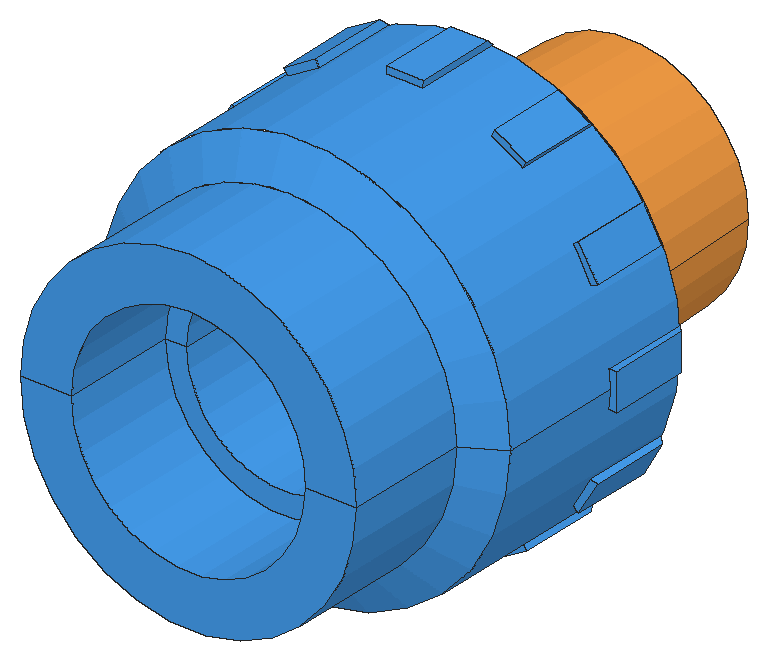
Revit family "Dirit_PPR Male Thread Adapter", category Pipe Fittings, Revit 2024
Family settings
  Round Connector Dimension = Use Diameter
  Part Type = Multi Port
  Work Plane-Based = No
  Always vertical = Yes
  Cut with Voids When Loaded = No
  Shared = No
Parameters (values of type "32x1"")
  Ukuran [instance] = size_lookup(Table, "", "Custom", Dia, Dia1)  # "32x1\""
  Table = "MALE THREAD JOINT"
  Rad1 [instance] = Dia1 / 2  # 16.00 mm
  Rad [instance] = Dia / 2  # 16.00 mm
  Nama [instance] = Table  # "MALE THREAD JOINT"
  L4 [instance] = size_lookup(Table, "L4", Dia, Dia, Dia1)  # 25.00 mm
  L3 [instance] = size_lookup(Table, "L3", Dia, Dia, Dia1)  # 13.00 mm
  L2 [instance] = size_lookup(Table, "L2", Dia, Dia, Dia1)  # 33.00 mm
  L1 [instance] = size_lookup(Table, "L1", Dia, Dia, Dia1)  # 50.00 mm
  Isi/Box [instance] = 0
  Harga [instance] = 0
  Gambar = 0
  Diameter 2 = 32.00 mm
  Dia1 (Inch) [instance] = if(Dia1 = 22.00 mm, 0.50 mm, if(Dia1 = 26.00 mm, 0.75 mm, 1.00 mm))  # 1.00 mm
  Dia1 [instance] = Diameter 2  # 32.00 mm
  Dia [instance] = Diameter 1  # 32.00 mm
  Default Elevation = 0.00 mm
  D6 [instance] = size_lookup(Table, "D6", Dia, Dia, Dia1)  # 33.00 mm
  D5 [instance] = size_lookup(Table, "D5", Dia, Dia, Dia1)  # 35.00 mm
  D4_2 [instance] = D4 / 2  # 28.00 mm
  D4 [instance] = size_lookup(Table, "D4", Dia, Dia, Dia1)  # 56.00 mm
  D3_2 [instance] = D3 / 2  # 29.00 mm
  D3 [instance] = size_lookup(Table, "D3", Dia - 5.00 mm, Dia, Dia1)  # 58.00 mm
  D2_2 [instance] = D2 / 2  # 16.00 mm
  D2 [instance] = size_lookup(Table, "D2", Dia, Dia, Dia1)  # 32.00 mm
  D1_2 [instance] = D1 / 2  # 23.00 mm
  D1 [instance] = size_lookup(Table, "D1", Dia - 5.00 mm, Dia, Dia1)  # 46.00 mm
  Diameter 1 = 32.00 mm
  Conector Size 2 = 25.00 mm
  C3 [instance] = size_lookup(Table, "C3", Dia, Dia, Dia1)  # 1.00 mm
  C2 [instance] = size_lookup(Table, "C2", Dia, Dia, Dia1)  # 5.00 mm
  C1 [instance] = size_lookup(Table, "C1", Dia, Dia, Dia1)  # 2.00 mm
  Aux1 [instance] = D3 / 2 * tan(Angle / 2)  # 29.00 mm
  Aux [instance] = D1_2 * tan(Angle / 2)  # 23.00 mm
  Angle2 [instance] = 180.00° + Angle  # 270.00°
  Angle1 [instance] = if(Angle > 45.00°, 90.00°, 45.00°)  # 90.00°
  Angle [instance] = 90.00°
Types (9, lengths in mm): name | Ukuran | Rad1 | Rad | L4 | L3 | L2 | L1 | Diameter 2 | Dia1 (Inch) | Dia1 | Dia | D6 | D5 | D4_2 | D4 | D3_2 | D3 | D2_2 | D2 | D1_2 | D1 | Diameter 1 | Conector Size 2 | C2 | C1 | Aux1 | Aux
  20x1/2" | "20x1/2\"" | 11.00 | 10.00 | 15.00 | 12.00 | 24.00 | 41.00 | 22.00 | 0.50 | 22.00 | 20.00 | 21.00 | 22.00 | 19.50 | 39.00 | 20.50 | 41.00 | 10.00 | 20.00 | 14.00 | 28.00 | 20.00 | 15.00 | 5.00 | 2.00 | 20.50 | 14.00
  20x3/4" | "20x3/4\"" | 13.00 | 10.00 | 16.00 | 13.00 | 26.00 | 44.00 | 26.00 | 0.75 | 26.00 | 20.00 | 25.00 | 26.00 | 23.00 | 46.00 | 24.00 | 48.00 | 10.00 | 20.00 | 14.00 | 28.00 | 20.00 | 20.00 | 2.00 | 2.00 | 24.00 | 14.00
  25x1/2" | "25x1/2\"" | 11.00 | 12.50 | 16.00 | 13.00 | 25.00 | 43.00 | 22.00 | 0.50 | 22.00 | 25.00 | 21.00 | 22.00 | 19.50 | 39.00 | 20.50 | 41.00 | 12.50 | 25.00 | 18.00 | 36.00 | 25.00 | 15.00 | 1.50 | 2.00 | 20.50 | 18.00
  25x3/4" | "25x3/4\"" | 13.00 | 12.50 | 16.00 | 13.00 | 26.00 | 44.00 | 26.00 | 0.75 | 26.00 | 25.00 | 25.00 | 26.00 | 23.00 | 46.00 | 24.00 | 48.00 | 12.50 | 25.00 | 18.00 | 36.00 | 25.00 | 20.00 | 1.50 | 2.00 | 24.00 | 18.00
  32x3/4" | "32x3/4\"" | 13.00 | 16.00 | 16.00 | 13.00 | 33.00 | 46.00 | 26.00 | 0.75 | 26.00 | 32.00 | 25.00 | 26.00 | 23.00 | 46.00 | 24.00 | 48.00 | 16.00 | 32.00 | 23.00 | 46.00 | 32.00 | 20.00 | 2.00 | 2.00 | 24.00 | 23.00
  40x1 1/2" | "40x1 1/4\"" | 21.00 | 20.00 | 30.00 | 24.00 | 33.00 | 52.00 | 42.00 | 1.00 | 42.00 | 40.00 | 42.00 | 44.00 | 33.50 | 67.00 | 35.00 | 70.00 | 20.00 | 40.00 | 27.00 | 54.00 | 40.00 | 32.00 | 7.00 | 3.00 | 35.00 | 27.00
  50x1 1/2" | "50x1 1/2\"" | 24.00 | 25.00 | 31.00 | 26.00 | 36.00 | 56.00 | 48.00 | 1.00 | 48.00 | 50.00 | 47.00 | 49.00 | 41.00 | 82.00 | 42.00 | 84.00 | 25.00 | 50.00 | 34.00 | 68.00 | 50.00 | 40.00 | 7.00 | 3.00 | 42.00 | 34.00
  63x2" | "63x2\"" | 30.00 | 31.50 | 36.00 | 27.00 | 37.00 | 62.00 | 60.00 | 1.00 | 60.00 | 63.00 | 60.00 | 65.00 | 49.00 | 98.00 | 50.00 | 100.00 | 31.50 | 63.00 | 43.00 | 86.00 | 63.00 | 50.00 | 7.00 | 3.00 | 50.00 | 43.00
  32x1" | "32x1\"" | 16.00 | 16.00 | 25.00 | 13.00 | 33.00 | 50.00 | 32.00 | 1.00 | 32.00 | 32.00 | 33.00 | 35.00 | 28.00 | 56.00 | 29.00 | 58.00 | 16.00 | 32.00 | 23.00 | 46.00 | 32.00 | 25.00 | 5.00 | 2.00 | 29.00 | 23.00
Reference planes
  plane 1 "Center (Front/Back)": y = 0
  plane 2: z = 0
  plane 3 "Center (Left/Right)": x = 0
  plane 4: y = -23
  plane 5: y = 23
  plane 6: y = 16
  plane 7: y = -16
  plane 8: through (16.263, -16.263, 1200) normal (-0.7071, -0.7071, 0)
  plane 9: x = 29
  plane 10: x = 28
  plane 11: x = -29
  plane 12: x = -28
  plane 13: x = 4
  plane 14: x = 23
  plane 15: x = 16
  plane 16: x = -16
  plane 17: x = -23
  plane 18: y = 37
  plane 19: y = 17
  plane 20: y = 50
  plane 21: y = 75
  plane 22: x = -17.5
  plane 23: x = -16.5
  plane 24: x = 16.5
  plane 25: x = 17.5
  plane 26: x = 13
  plane 27: y = 20
  plane 28: through (0, -1524, 0) normal (-0.9962, 0, 0.0872)
  plane 29: through (0, -1524, 0) normal (-0.9962, 0, -0.0872)
  plane 30: through (0, -1524, 0) normal (-0.8192, 0, 0.5736)
  plane 31: through (0, -1524, 0) normal (-0.9063, 0, 0.4226)
  plane 32: through (0, -1524, 0) normal (-0.4226, 0, 0.9063)
  plane 33: through (0, -1524, 0) normal (-0.5736, 0, 0.8192)
  plane 34: through (0, -1524, 0) normal (0.0872, 0, 0.9962)
  plane 35: through (0, -1524, 0) normal (-0.0872, 0, 0.9962)
  plane 36: through (0, -1524, 0) normal (-0.8192, 0, -0.5736)
  plane 37: through (0, -1524, 0) normal (-0.9063, 0, -0.4226)
  plane 38: through (0, -1524, 0) normal (-0.4226, 0, -0.9063)
  plane 39: through (0, -1524, 0) normal (-0.5736, 0, -0.8192)
  plane 40: through (0, -1524, 0) normal (0.0872, 0, -0.9962)
  plane 41: through (0, -1524, 0) normal (-0.0872, 0, -0.9962)
  plane 42: through (0, -1524, 0) normal (0.9962, 0, 0.0872)
  plane 43: through (0, -1524, 0) normal (0.9962, 0, -0.0872)
  plane 44: through (0, -1524, 0) normal (0.8192, 0, 0.5736)
  plane 45: through (0, -1524, 0) normal (0.9063, 0, 0.4226)
  plane 46: through (0, -1524, 0) normal (0.4226, 0, 0.9063)
  plane 47: through (0, -1524, 0) normal (0.5736, 0, 0.8192)
  plane 48: through (0, -1524, 0) normal (0.8192, 0, -0.5736)
  plane 49: through (0, -1524, 0) normal (0.9063, 0, -0.4226)
  plane 50: through (0, -1524, 0) normal (0.4226, 0, -0.9063)
  plane 51: through (0, -1524, 0) normal (0.5736, 0, -0.8192)
  plane 52: x = 27
  plane 53: y = 48
Forms (mm)
  Revolve 1, solid, material "PIPE-PPR"
    sketch origin (0, 0, 0) x (0, 1, 0) y (-1, 0, 0)
      loop
        line (50, -13) -> (16, -13) -> (16, -16) -> (0, -16) -> (0, -23) -> (17, -23) -> (20, -28) -> (50, -28) -> (50, -13)
      axis (0, 0) -> (50, 0)
    angle from 0 to 360
  Extrusion 2, solid, material "PIPE-PPR"
    sketch origin (0, 0, 0) x (1, 0, 0) y (0, 0, 1)
      loop
        arc (2.528, 28.89) -> (0, 29) -> (-2.528, 28.89) r 29
        line (-2.528, 28.89) -> (-2.44, 27.893)
        arc (-2.44, 27.893) -> (0, 28) -> (2.44, 27.893) r 28
        line (2.44, 27.893) -> (2.528, 28.89)
      loop
        arc (16.634, 23.755) -> (14.5, 25.115) -> (12.256, 26.283) r 29
        line (12.256, 26.283) -> (11.833, 25.377)
        arc (11.833, 25.377) -> (14, 24.249) -> (16.06, 22.936) r 28
        line (16.06, 22.936) -> (16.634, 23.755)
      loop
        arc (2.44, -27.893) -> (0, -28) -> (-2.44, -27.893) r 28
        line (-2.44, -27.893) -> (-2.528, -28.89)
        arc (-2.528, -28.89) -> (0, -29) -> (2.528, -28.89) r 29
        line (2.528, -28.89) -> (2.44, -27.893)
      loop
        arc (16.06, -22.936) -> (14, -24.249) -> (11.833, -25.377) r 28
        line (11.833, -25.377) -> (12.256, -26.283)
        arc (12.256, -26.283) -> (14.5, -25.115) -> (16.634, -23.755) r 29
        line (16.634, -23.755) -> (16.06, -22.936)
      loop
        line (25.377, 11.833) -> (26.283, 12.256)
        arc (26.283, 12.256) -> (25.115, 14.5) -> (23.755, 16.634) r 29
        line (23.755, 16.634) -> (22.936, 16.06)
        arc (22.936, 16.06) -> (24.249, 14) -> (25.377, 11.833) r 28
      loop
        arc (28.89, -2.528) -> (29, 0) -> (28.89, 2.528) r 29
        line (28.89, 2.528) -> (27.893, 2.44)
        arc (27.893, 2.44) -> (28, 0) -> (27.893, -2.44) r 28
        line (27.893, -2.44) -> (28.89, -2.528)
      loop
        line (-23.755, -16.634) -> (-22.936, -16.06)
        arc (-22.936, -16.06) -> (-24.249, -14) -> (-25.377, -11.833) r 28
        line (-25.377, -11.833) -> (-26.283, -12.256)
        arc (-26.283, -12.256) -> (-25.115, -14.5) -> (-23.755, -16.634) r 29
      loop
        line (-12.256, -26.283) -> (-11.833, -25.377)
        arc (-11.833, -25.377) -> (-14, -24.249) -> (-16.06, -22.936) r 28
        line (-16.06, -22.936) -> (-16.634, -23.755)
        arc (-16.634, -23.755) -> (-14.5, -25.115) -> (-12.256, -26.283) r 29
      loop
        line (22.936, -16.06) -> (23.755, -16.634)
        arc (23.755, -16.634) -> (25.115, -14.5) -> (26.283, -12.256) r 29
        line (26.283, -12.256) -> (25.377, -11.833)
        arc (25.377, -11.833) -> (24.249, -14) -> (22.936, -16.06) r 28
      loop
        line (-16.634, 23.755) -> (-16.06, 22.936)
        arc (-16.06, 22.936) -> (-14, 24.249) -> (-11.833, 25.377) r 28
        line (-11.833, 25.377) -> (-12.256, 26.283)
        arc (-12.256, 26.283) -> (-14.5, 25.115) -> (-16.634, 23.755) r 29
      loop
        line (-26.283, 12.256) -> (-25.377, 11.833)
        arc (-25.377, 11.833) -> (-24.249, 14) -> (-22.936, 16.06) r 28
        line (-22.936, 16.06) -> (-23.755, 16.634)
        arc (-23.755, 16.634) -> (-25.115, 14.5) -> (-26.283, 12.256) r 29
      loop
        line (-28.89, -2.528) -> (-27.893, -2.44)
        arc (-27.893, -2.44) -> (-28, 0) -> (-27.893, 2.44) r 28
        line (-27.893, 2.44) -> (-28.89, 2.528)
        arc (-28.89, 2.528) -> (-29, 0) -> (-28.89, -2.528) r 29
    from -50 to -37
  Revolve 3, void
    sketch origin (0, 0, 0) x (0, 1, 0) y (-1, 0, 0)
      loop
        line (48, -29) -> (50, -29) -> (50, -27) -> (48, -29)
      axis (48, 0) -> (50, 0)
    angle from 0 to 360
  Revolve 4, solid, material "AC_Copper"
    sketch origin (0, 0, 0) x (0, 1, 0) y (-1, 0, 0)
      loop
        line (50, -13) -> (50, -17.5) -> (75, -16.5) -> (75, -13) -> (50, -13)
      axis (75, 0) -> (50, 0)
    angle from 0 to 360
Cuts and joins
  Revolve 3 cuts Revolve 1
  Revolve 3 cuts Extrusion 2
Lines and regions (mm)
  reference lines
    curve 1: line (0, 0, 0) -> (0, 124.472, 0)
    curve 2: line (-39.792, 50, 0) -> (40.208, 50, 0)
Dimensions and locks
  equal spacing: plane 4, plane 1 "Center (Front/Back)", plane 5
  equal spacing: plane 7, plane 1 "Center (Front/Back)", plane 6
  "D1": plane 4 to plane 5
  "D2": plane 7 to plane 6
  "L1": curve 1 to curve 2
  equal spacing: plane 11, plane 3 "Center (Left/Right)", plane 9
  equal spacing: plane 12, plane 3 "Center (Left/Right)", plane 10
  "D3": plane 11 to plane 9
  "D4": plane 12 to plane 10
  "L4": plane 13 to plane 9
  equal spacing: plane 17, plane 3 "Center (Left/Right)", plane 14
  equal spacing: plane 16, plane 3 "Center (Left/Right)", plane 15
  "D1": plane 17 to plane 14
  "D2": plane 16 to plane 15
  "L1": plane 1 "Center (Front/Back)" to plane 20
  "L3": plane 18 to plane 20
  "L2": plane 19 to plane 20
  "L4": plane 20 to plane 21
  equal spacing: plane 22, plane 3 "Center (Left/Right)", plane 25
  equal spacing: plane 23, plane 3 "Center (Left/Right)", plane 24
  "D5": plane 22 to plane 25
  "D6": plane 23 to plane 24
  locked: plane 27 to plane 19 at 3
  locked: plane 26 to plane 24 at 3.5
  "C1": plane 53 to plane 20
  "C1": plane 52 to plane 9
  "D4_2": radius of Extrusion 2 sketch curve  (x12)
  "D3_2": radius of Extrusion 2 sketch curve  (x12)
  "Angle": angle plane 1 "Center (Front/Back)" to curve 1
  aligned and locked: level to plane 2
  aligned and locked: plane 1 "Center (Front/Back)" to curve 1
  aligned and locked: plane 3 "Center (Left/Right)" to curve 1
  aligned and locked: curve 2 to Revolve 1 sketch curve
  aligned and locked: plane 15 to Revolve 1 sketch curve
  aligned and locked: plane 19 to Revolve 1 sketch curve
  aligned and locked: plane 14 to Revolve 1 sketch curve
  aligned and locked: plane 27 to Revolve 1 sketch curve
  aligned and locked: plane 10 to Revolve 1 sketch curve
  aligned and locked: plane 26 to Revolve 1 sketch curve
  aligned and locked: Extrusion 2 to curve 2
  aligned and locked: Extrusion 2 to plane 18
  aligned and locked: Extrusion 2 sketch curve to plane 28
  aligned and locked: Extrusion 2 sketch curve to plane 29
  aligned and locked: Extrusion 2 sketch curve to plane 31
  aligned and locked: Extrusion 2 sketch curve to plane 30
  aligned and locked: Extrusion 2 sketch curve to plane 33
  aligned and locked: Extrusion 2 sketch curve to plane 35
  aligned and locked: Extrusion 2 sketch curve to plane 34
  aligned and locked: Extrusion 2 sketch curve to plane 46
  aligned and locked: Extrusion 2 sketch curve to plane 47
  aligned and locked: Extrusion 2 sketch curve to plane 44
  aligned and locked: Extrusion 2 sketch curve to plane 45
  aligned and locked: Extrusion 2 sketch curve to plane 42
  aligned and locked: Extrusion 2 sketch curve to plane 43
  aligned and locked: Extrusion 2 sketch curve to plane 49
  aligned and locked: Extrusion 2 sketch curve to plane 48
  aligned and locked: Extrusion 2 sketch curve to plane 51
  aligned and locked: Extrusion 2 sketch curve to plane 50
  aligned and locked: Extrusion 2 sketch curve to plane 40
  aligned and locked: Extrusion 2 sketch curve to plane 41
  aligned and locked: Extrusion 2 sketch curve to plane 38
  aligned and locked: Extrusion 2 sketch curve to plane 39
  aligned and locked: Extrusion 2 sketch curve to plane 36
  aligned and locked: Extrusion 2 sketch curve to plane 37
  aligned and locked: plane 9 to Revolve 3 sketch curve  (x2)
  aligned and locked: Revolve 3 sketch curve to plane 20
  aligned and locked: plane 53 to Revolve 3 sketch curve
  aligned and locked: plane 52 to Revolve 3 sketch curve
  aligned and locked: plane 21 to Revolve 4 sketch curve
  aligned and locked: plane 20 to Revolve 4 sketch curve
  aligned and locked: Revolve 4 sketch curve to plane 26
  aligned and locked: plane 24 to Revolve 4 sketch curve
  aligned and locked: plane 25 to Revolve 4 sketch curve
Automatic sketch dimensions
  Revolve 1 sketch curve to curve 1 = 0.00 mm  (x3)
  Revolve 1 sketch curve to Revolve 1 sketch curve = 16.00 mm
  curve 1 to Revolve 1 sketch curve = 0.00 mm
  Revolve 4 sketch curve to curve 1 = 0.00 mm
  Revolve 4 sketch curve to curve 1 = 2000.00 mm
  curve 1 to Revolve 4 sketch curve = 1875.528 mm
  curve 1 to curve 2 = 40.208 mm
  curve 2 to curve 1 = 39.792 mm
  Extrusion 2 sketch curve to Extrusion 2 sketch curve = 0.00 mm  (x46)
  Extrusion 2 sketch curve to level = 0.00 mm
  Extrusion 2 sketch curve to plane 3 "Center (Left/Right)" = 0.00 mm
  Extrusion 2 sketch curve to plane 32 = 0.00 mm  (x2)
  Revolve 3 sketch curve to curve 1 = 0.00 mm  (x3)
Connectors
  piping at (0, 50, 0), diameter 25, driven by "Conector Size 2"
    settings: on cut or joined group of Revolve 1, Revolve 3, index 1, connector inside diameter 609.6 mm, connector length 0.00 mm, flow factor 0, pipe flow 0.0 L/s, pressure drop 0.0 Pa, fitting loss kfactor 0, connector angle 0.00°, fixture units 0, engagement length 0.00 mm, angle of deflection 0.00°, flow configuration 0, flow direction 0, fitting loss method 0, system type 28, joint type 0, gender type 0, connector reference index 2, connector utility 0, adjustable connector no, is connector primary no, connector description ""
  piping at (0, 16, 0), diameter 32, driven by "Diameter 1"
    settings: on cut or joined group of Revolve 1, Revolve 3, index 2, connector inside diameter 609.6 mm, connector length 0.00 mm, flow factor 0, pipe flow 0.0 L/s, pressure drop 0.0 Pa, fitting loss kfactor 0, connector angle 0.00°, fixture units 0, engagement length 0.00 mm, angle of deflection 0.00°, flow configuration 0, flow direction 0, fitting loss method 0, system type 28, joint type 0, gender type 0, connector reference index 1, connector utility 0, adjustable connector no, is connector primary yes, connector description ""
